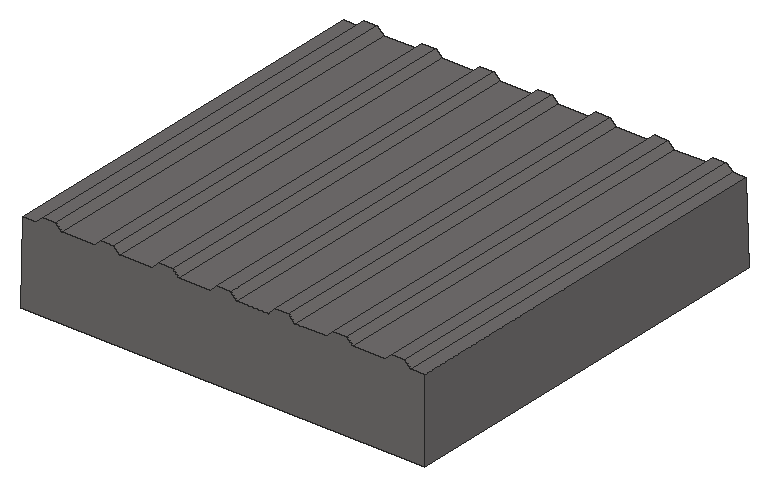
Revit family "Bodenindikator AR 43", category Allgemeines Modell, Revit 2016
Family settings
  Teiletyp = Normal
  Kann Basisbauteil für Bewehrung sein = Nein
  Bemaßung runder Anschluss = Durchmesser verwenden
  Arbeitsebenenbasiert = Nein
  Immer vertikal = Ja
  Beim Laden mit Abzugskörper schneiden = Nein
  Gemeinsam genutzt = Nein
  Raumberechnungspunkt = Nein
Parameters (values of type "AR 43 - 300/300/64,5 Anthrazit")
  www = "www.Betonsteinwerk-Knapp.de"
  Steindicke = ""
  Rastermaß L/ B in mm = "300/300"
  RIL = "813.02.01"
  R-Wert  nach DIN 51130 = "R11"
  Produzent = "IKM Betonsteinwerk Knapp & Co GmbH, Muggensturm"
  Produktname = "AR 43"
  Produktionsnorm = "DIN V 18500"
  Produktfamilie = "Bodenindikator"
  Oberflächenausbildung = "Trapezprofil"
  Norm = "DIN 32984"
  Materialität = Nr. 469 Anthrazit
  Material = "Hochleistungsfaserbeton"
  LRV-Wert = "3,97"
  Manufacturer = ""
  Gewicht/St = "12.2"
  GTIN - Nummer = "4060851016991"
  Frost- und Tausalzwiderstand (CDF) in g/m² im Mittel = "231"
  Fasenausbildung = "Minifase"
  Farbausführung = "Nr. 469 Anthrazit mit Oberflächenvergütung"
  Email = "Info@Betonsteinwerk-knapp.de"
  Auftrittsfläche = "Rändelstruktur"
  Artikelnummer = "5-304308-469-90"
  80.45 = no
  64.5 = yes
Types (4, lengths in mm): name | R-Wert  nach DIN 51130 | Materialität | LRV-Wert | Gewicht/St | GTIN - Nummer | Frost- und Tausalzwiderstand (CDF) in g/m² im Mittel | Farbausführung | Artikelnummer | 80.45 | 64.5
  AR 43 - 300/300/64,5 Anthrazit | "R11" | Nr. 469 Anthrazit | "3,97" | "12.2" | "4060851016991" | "231" | "Nr. 469 Anthrazit mit Oberflächenvergütung" | "5-304308-469-90" | no | yes
  AR 43 - 300/300/80,45 Anthrazit | "R11" | Nr. 469 Anthrazit | "3,97" | "16,6" | "4060851016991" | "231" | "Nr. 469 Anthrazit mit Oberflächenvergütung" | "5-304308-469-90" | yes | no
  AR 43- 300/300/80,45 Weiß | "R12" | Nr. 470 Weiß | "53,06" | "16,6" | "4060851016984" | "430" | "Nr. 470 Weiß" | "5-304308-470-00" | yes | no
  AR 43 - 300/300/64,5 Weiß | "R12" | Nr. 470 Weiß | "53,06" | "12.2" | "4060851016984" | "430" | "Nr. 470 Weiß" | "5-304308-470-00" | no | yes
Reference planes
  plane 1 "Mitte (Vorne/Hinten)": y = 0
  plane 2: z = 0
  plane 3 "Mitte (Links/Rechts)": x = 0
Forms (mm)
  Extrusion 1, solid, material "Nr. 469 Anthrazit" <- "Materialität", visible <- "80.45", detail levels medium+fine
    sketch origin (0, 0, 0) x (1, 0, 0) y (0, 0, 1)
      loop
        line (-298, 0) -> (0, 0) -> (-1.414, 80) -> (-10.929, 80) -> (-15.429, 84.5) -> (-25.429, 84.5) -> (-29.929, 80) -> (-53.786, 80) -> (-58.286, 84.5) -> (-68.286, 84.5) -> (-72.786, 80) -> (-96.643, 80) -> (-101.143, 84.5) -> (-111.143, 84.5) -> (-115.643, 80) -> (-139.5, 80) -> (-144, 84.5) -> (-154, 84.5) -> (-158.5, 80) -> (-182.357, 80) -> (-186.857, 84.5) -> (-196.857, 84.5) -> (-201.357, 80) -> (-225.214, 80) -> (-229.714, 84.5) -> (-239.714, 84.5) -> (-244.214, 80) -> (-268.071, 80) -> (-272.571, 84.5) -> (-282.571, 84.5) -> (-287.071, 80) -> (-296.586, 80) -> (-298, 0)
    from 0 to 298
  Extrusion 2, solid, material "Nr. 469 Anthrazit" <- "Materialität", visible <- "64.5", detail levels medium+fine
    sketch origin (0, 0, 0) x (1, 0, 0) y (0, 0, 1)
      loop
        line (-298, 0) -> (0, 0) -> (-1.061, 60) -> (-10.929, 60) -> (-15.429, 64.5) -> (-25.429, 64.5) -> (-29.929, 60) -> (-53.786, 60) -> (-58.286, 64.5) -> (-68.286, 64.5) -> (-72.786, 60) -> (-96.643, 60) -> (-101.143, 64.5) -> (-111.143, 64.5) -> (-115.643, 60) -> (-139.5, 60) -> (-144, 64.5) -> (-154, 64.5) -> (-158.5, 60) -> (-182.357, 60) -> (-186.857, 64.5) -> (-196.857, 64.5) -> (-201.357, 60) -> (-225.214, 60) -> (-229.714, 64.5) -> (-239.714, 64.5) -> (-244.214, 60) -> (-268.071, 60) -> (-272.571, 64.5) -> (-282.571, 64.5) -> (-287.071, 60) -> (-296.939, 60) -> (-298, 0)
    from 0 to 298
  Extrusion 3, void
    sketch origin (0, 0, 0) x (0, 1, 0) y (0, 0, 1)
      loop
        line (-296.306, 96.795) -> (-298, 96.795) -> (-298, 0) -> (-296.306, 96.795)
      loop
        line (-1.694, 96.795) -> (0, 0) -> (0, 96.795) -> (-1.694, 96.795)
    from 0 to -298
  Extrusion 4, solid, material "Nr. 469 Anthrazit" <- "Materialität", visible <- "64.5", detail levels coarse
    sketch origin (0, 0, 0) x (1, 0, 0) y (0, 1, 0)
      loop
        line (0, 0) -> (-298, 0) -> (-298, -298) -> (0, -298) -> (0, 0)
    from 0 to 64.5
  Extrusion 5, solid, material "Nr. 469 Anthrazit" <- "Materialität", visible <- "80.45", detail levels coarse
    sketch origin (0, 0, 0) x (1, 0, 0) y (0, 1, 0)
      loop
        line (0, 0) -> (-298, 0) -> (-298, -298) -> (0, -298) -> (0, 0)
    from 0 to 84.5
Cuts and joins
  Extrusion 3 cuts Extrusion 1
  Extrusion 3 cuts Extrusion 2
Dimensions and locks
  angle Extrusion 2 sketch curve to Extrusion 1 = 88.9874°
  angle Extrusion 1 to Extrusion 2 sketch curve = 88.9874°
  aligned and locked: level to plane 2
